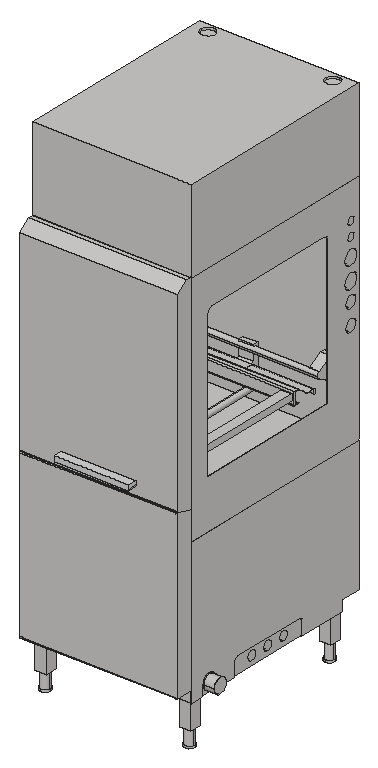
Revit family "QF_ELECTROLUXPROFESSIONAL_535175_NMPWDREL5", category Specialty Equipment, Revit 2023
Family settings
  Round Connector Dimension = Use Diameter
  Part Type = Normal
  Work Plane-Based = No
  Enable Cutting in Views = No
  Always vertical = Yes
  Cut with Voids When Loaded = No
  Maintain Annotation Orientation = No
  Shared = No
  Room Calculation Point = No
Parameters (values of type "NMPWDREL5")
  Weight = 104.00 kg
  Watts = 0 W
  Volts = 380 V
  URL Manufacturer = "http://www.electroluxprofessional.com"
  URL = "http://www.electroluxprofessional.com"
  Steam Supply Size = 0 mm
  Steam Supply Minimum Pressure = 0.0 Pa
  Steam Supply Maximum Pressure = 0.0 Pa
  Steam Pounds per Hour = 0
  Show Logo [instance] = yes
  Refrigeration Suction Line Size = 0 mm
  Refrigeration Liquid Line Size = 0 mm
  Refrigerant Compressor Remote = yes
  R_L [instance] = not(L_R)  # yes
  Manufacturer = "Electrolux Professional"
  Phase = 3
  Model = "NMPWDREL5"
  Length Actual = 560 mm
  Show Clearance [instance] = yes
  L_R [instance] = no
  Item Number = "535175"
  Hot Water Size = 19.05 mm
  Height Actual = 1785 mm
  HP = "9.9 HP"
  Gas Size = 0 mm
  Gas KW = 0
  Gas Input Pressure = 0 W
  Direct Waste Size = 50 mm
  Description = "MEDIUM PRE-WASH MODULE, DUAL RINSE RT, L>R REV, ELECTRIC, 50HZ"
  Depth Actual = 825 mm
  Default Elevation = 0 mm
  DRAIN [instance] = if(L_R, 0 mm, 638 mm)  # 638 mm
  Cycle = 50 Hz
  Condensate Return Size = 0 mm
  Compressed Air Volume = 0.0 L/s
  Compressed Air Size = 0 mm
  Compressed Air Pressure = 0.0 Pa
  Cold Water Size = 19.05 mm
  Accessory = no
Reference planes
  plane 1 "Center X": y = -16.742
  plane 2: z = 0
  plane 3 "1": x = -383.563
  plane 4 "2": x = 176.437
  plane 5 "BACK": y = 388.258
  plane 6 "FEET": z = 150
  plane 7: z = 2095
  plane 8 "BASE": z = 187
  plane 9 "TOP": z = 1785
  plane 10 "FRONT": y = -408.742
  plane 11: y = 311.258
  plane 12 "LEFT": x = -423.563
  plane 13 "RIGHT": x = 216.437
  plane 14 "DRAIN": x = 214.437
Forms (mm)
  Extrusion 1, solid, material "QF_Finishes_Stainless Steel"
    sketch origin (176.437, 479.936, 4000) x (0, 1, 0) y (0, 0, 1)
      loop
        line (-96.678, -2215) -> (-828.678, -2215) -> (-828.678, -2507) -> (-96.678, -2507) -> (-96.678, -2215)
    from -560 to 0
  Extrusion 2, solid, material "QF_Finishes_Stainless Steel"
    sketch origin (-383.563, 437.565, 4000) x (0, 1, 0) y (0, 0, 1)
      loop
        line (-54.307, -2507) -> (-786.307, -2507) -> (-786.307, -3850) -> (-126.307, -3850) -> (-126.307, -3812) -> (-54.307, -3812) -> (-54.307, -2507)
      loop
        line (-129.307, -2557) -> (-769.307, -2557) -> (-769.307, -3290) -> (-129.307, -3290) -> (-129.307, -2557)
    from 557 to 3
  Extrusion 3, solid, material "QF_Finishes_Stainless Steel"
    sketch origin (-383.563, 437.565, 4000) x (0, 1, 0) y (0, 0, 1)
      loop
        line (-59.307, -3342) -> (-781.307, -3342)
        arc (-781.307, -3342) -> (-784.843, -3343.464) -> (-786.307, -3347) r 5
        line (-786.307, -3347) -> (-786.307, -3850) -> (-741.307, -3850) -> (-741.307, -3813)
        arc (-741.307, -3813) -> (-711.307, -3783) -> (-681.307, -3813) r 30
        line (-681.307, -3813) -> (-681.307, -3850) -> (-602.807, -3850) -> (-602.807, -3803)
        arc (-602.807, -3803) -> (-598.414, -3792.393) -> (-587.807, -3788) r 15
        line (-587.807, -3788) -> (-317.807, -3788)
        arc (-317.807, -3788) -> (-307.201, -3792.393) -> (-302.807, -3803) r 15
        line (-302.807, -3803) -> (-302.807, -3850) -> (-126.307, -3850) -> (-126.307, -3812) -> (-54.307, -3812) -> (-54.307, -3347)
        arc (-54.307, -3347) -> (-55.772, -3343.464) -> (-59.307, -3342) r 5
    from 0 to 3
  Extrusion 4, solid, material "QF_Finishes_Stainless Steel"
    sketch origin (176.437, 479.936, 4000) x (0, 1, 0) y (0, 0, 1)
      loop
        line (-96.678, -2507) -> (-828.678, -2507) -> (-828.678, -3335)
        arc (-828.678, -3335) -> (-827.214, -3338.536) -> (-823.678, -3340) r 5
        line (-823.678, -3340) -> (-101.678, -3340)
        arc (-101.678, -3340) -> (-98.142, -3338.536) -> (-96.678, -3335) r 5
        line (-96.678, -3335) -> (-96.678, -2507)
      loop
        line (-248.879, -2635) -> (-744.477, -2635)
        arc (-744.477, -2635) -> (-756.64, -2640.038) -> (-761.678, -2652.201) r 17.201
        line (-761.678, -2652.201) -> (-761.678, -3167.258) -> (-231.678, -3167.258) -> (-231.678, -2652.201)
        arc (-231.678, -2652.201) -> (-236.716, -2640.038) -> (-248.879, -2635) r 17.201
    from -3 to 0
  Extrusion 5, solid, material "QF_Finishes_Stainless Steel"
    sketch origin (176.437, 479.936, 4000) x (0, 1, 0) y (0, 0, 1)
      loop
        line (-101.678, -3342) -> (-823.678, -3342)
        arc (-823.678, -3342) -> (-827.214, -3343.464) -> (-828.678, -3347) r 5
        line (-828.678, -3347) -> (-828.678, -3850) -> (-783.678, -3850) -> (-783.678, -3813)
        arc (-783.678, -3813) -> (-753.678, -3783) -> (-723.678, -3813) r 30
        line (-723.678, -3813) -> (-723.678, -3850) -> (-645.178, -3850) -> (-645.178, -3803)
        arc (-645.178, -3803) -> (-640.785, -3792.393) -> (-630.178, -3788) r 15
        line (-630.178, -3788) -> (-360.178, -3788)
        arc (-360.178, -3788) -> (-349.571, -3792.393) -> (-345.178, -3803) r 15
        line (-345.178, -3803) -> (-345.178, -3850) -> (-168.678, -3850) -> (-168.678, -3812) -> (-96.678, -3812) -> (-96.678, -3347)
        arc (-96.678, -3347) -> (-98.142, -3343.464) -> (-101.678, -3342) r 5
    from -3 to 0
  Extrusion 6, void
    sketch origin (0, 0, 1785) x (1, 0, 0) y (0, -1, 0)
      loop
        circle (-323.563, -347.258) r 25
    from 0 to 5
  Extrusion 7, solid, material "QF_Finishes_Stainless Steel"
    sketch origin (-383.563, 437.565, 4000) x (0, 1, 0) y (0, 0, 1)
      loop
        circle (-89.376, -2635.001) r 12
      loop
        circle (-89.376, -2685.001) r 12
      loop
        circle (-89.376, -2750.001) r 25
      loop
        circle (-89.376, -2825.001) r 25
      loop
        circle (-89.376, -2890.001) r 20
      loop
        circle (-89.376, -2965.001) r 20
    from 0 to 3
  Extrusion 8, void
    sketch origin (-383.563, 437.565, 4000) x (0, 1, 0) y (0, 0, 1)
      loop
        circle (-89.376, -2635.001) r 14
      loop
        circle (-89.376, -2685.001) r 14
      loop
        circle (-89.376, -2750.001) r 27
      loop
        circle (-89.376, -2825.001) r 27
      loop
        circle (-89.376, -2890.001) r 22
      loop
        circle (-89.376, -2965.001) r 22
    from 0 to 3
  Extrusion 9, solid, material "QF_Finishes_Stainless Steel"
    sketch origin (-383.563, 437.565, 4000) x (0, 1, 0) y (0, 0, 1)
      loop
        circle (-454.307, -3813) r 15
      loop
        circle (-524.307, -3813) r 15
      loop
        circle (-384.307, -3813) r 15
    from 0 to 3
  Extrusion 10, solid, material "QF_Finishes_Stainless Steel"
    sketch origin (-383.563, 437.565, 4000) x (0, 1, 0) y (0, 0, 1)
      loop
        circle (-711.307, -3813) r 25
    from 0 to 3
  Extrusion 11, solid, material "QF_Finishes_Stainless Steel"
    sketch origin (176.437, 479.936, 4000) x (0, 1, 0) y (0, 0, 1)
      loop
        circle (-496.678, -3813) r 15
      loop
        circle (-566.678, -3813) r 15
      loop
        circle (-426.678, -3813) r 15
    from 0 to -3
  Extrusion 12, solid, material "QF_Finishes_Stainless Steel"
    sketch origin (176.437, 479.936, 4000) x (0, 1, 0) y (0, 0, 1)
      loop
        circle (-753.678, -3813) r 25
    from 0 to -3
  Extrusion 13, solid, material "QF_Finishes_Stainless Steel"
    sketch origin (-383.563, 437.565, 4000) x (0, 1, 0) y (0, 0, 1)
      loop
        line (-54.307, -2507) -> (-786.307, -2507) -> (-786.307, -3335)
        arc (-786.307, -3335) -> (-784.843, -3338.536) -> (-781.307, -3340) r 5
        line (-781.307, -3340) -> (-59.307, -3340)
        arc (-59.307, -3340) -> (-55.772, -3338.536) -> (-54.307, -3335) r 5
        line (-54.307, -3335) -> (-54.307, -2507)
      loop
        line (-206.509, -2635) -> (-702.106, -2635)
        arc (-702.106, -2635) -> (-714.269, -2640.038) -> (-719.307, -2652.201) r 17.201
        line (-719.307, -2652.201) -> (-719.307, -3167.258) -> (-189.307, -3167.258) -> (-189.307, -2652.201)
        arc (-189.307, -2652.201) -> (-194.345, -2640.038) -> (-206.509, -2635) r 17.201
    from 3 to 0
  Extrusion 14, void
    sketch origin (176.437, 479.936, 4000) x (0, -1, 0) y (0, 0, 1)
      loop
        circle (131.746, -2635.001) r 14
      loop
        circle (131.746, -2685.001) r 14
      loop
        circle (131.746, -2750.001) r 27
      loop
        circle (131.746, -2825.001) r 27
      loop
        circle (131.746, -2890.001) r 22
      loop
        circle (131.746, -2965.001) r 22
    from 0 to 2
  Extrusion 15, solid, material "QF_Finishes_Stainless Steel"
    sketch origin (176.437, 479.936, 4000) x (0, 1, 0) y (0, 0, 1)
      loop
        circle (-131.746, -2635.001) r 12
      loop
        circle (-131.746, -2685.001) r 12
      loop
        circle (-131.746, -2750.001) r 25
      loop
        circle (-131.746, -2825.001) r 25
      loop
        circle (-131.746, -2890.001) r 20
      loop
        circle (-131.746, -2965.001) r 20
    from 0 to -2
  Extrusion 16, solid, material "QF_Finishes_Stainless Steel", visible <- "L_R"
    sketch origin (-383.563, 437.565, 4000) x (0, 1, 0) y (0, 0, 1)
      loop
        circle (-711.307, -3813) r 25
    from 0 to -38
  Extrusion 17, solid, material "QF_Finishes_Stainless Steel", visible <- "R_L"
    sketch origin (176.437, 479.936, 4000) x (0, 1, 0) y (0, 0, 1)
      loop
        circle (-753.678, -3813) r 25
    from 0 to 38
  Extrusion 18, solid, material "QF_Finishes_Stainless Steel"
    sketch origin (214.437, 0, 0) x (0, 1, 0) y (0, 0, 1)
      loop
        circle (-273.742, 187) r 25
    from 0 to 2
  Extrusion 19, void
    sketch origin (0, 0, 1785) x (1, 0, 0) y (0, -1, 0)
      loop
        circle (114.437, -347.258) r 25
    from 0 to 5
  Extrusion 20, solid, material "QF_Clearance", detail levels coarse
    sketch origin (556.437, -74.242, 0) x (1, 0, 0) y (0, 1, 0)
      loop
        line (-940, 462.5) -> (-380, 462.5) -> (-380, 512.5) -> (-940, 512.5) -> (-940, 462.5)
    from -100 to 1785
Cuts and joins
  Extrusion 6, Extrusion 19 cuts Extrusion 1
  Extrusion 6, Extrusion 14, Extrusion 19 cuts Extrusion 2
  Extrusion 8, Extrusion 14 cuts Extrusion 13
  Extrusion 14 cuts Extrusion 7
  Extrusion 14 cuts Extrusion 4
Lines and regions (mm)
  symbolic lines
    curve 1: line (-383.563, 383.258, 0) -> (176.437, 383.258, 0)
    curve 2: line (-383.563, -348.742, 0) -> (-383.563, 383.258, 0)
    curve 3: line (176.437, -348.742, 0) -> (-383.563, -348.742, 0)
    curve 4: line (176.437, 383.258, 0) -> (176.437, -348.742, 0)
    curve 7: circle (-323.563, 347.258, 0) r 25 normal (0, 0, 1)
    curve 8: line (-383.563, 383.258, 0) -> (176.437, -348.742, 0)
    curve 15: line (-383.563, -16.742, 0) -> (-358.563, -16.742, 0)
    curve 16: line (176.437, -16.742, 0) -> (151.437, -16.742, 0)
    curve 17: circle (114.437, 347.258, 0) r 25 normal (0, 0, -1)
  symbolic lines, style "SpecialityEquipment"
    curve 5: line (176.437, -281.742, 0) -> (-383.563, -281.742, 0)
    curve 6: line (-383.563, 308.258, 0) -> (176.437, 308.258, 0)
  symbolic lines, style "SpecialityEquipmentHiddenLines", visible <- "L_R"
    curve 9: line (-423.563, -248.742, 0) -> (-423.563, -298.742, 0)
    curve 10: line (-423.563, -248.742, 0) -> (-383.563, -248.742, 0)
    curve 11: line (-423.563, -298.742, 0) -> (-383.563, -298.742, 0)
  symbolic lines, style "SpecialityEquipmentHiddenLines", visible <- "R_L"
    curve 12: line (216.437, -298.742, 0) -> (216.437, -248.742, 0)
    curve 13: line (216.437, -248.742, 0) -> (176.437, -248.742, 0)
    curve 14: line (216.437, -298.742, 0) -> (176.437, -298.742, 0)
  symbolic lines, style "QF_Clearances"
    curve 18: line (-383.563, 438.258, 0) -> (176.437, 438.258, 0)
Dimensions and locks
  plane 3 "1" to plane 4 "2" = 560 mm
  plane 5 "BACK" to plane 1 "Center X" to plane 10 "FRONT" = 405 mm, 392 mm
  plane 6 "FEET" to level = 150 mm
  Extrusion 3 to plane 3 "1" = 3 mm
  plane 4 "2" to Extrusion 5 = 3 mm
  plane 6 "FEET" to plane 9 "TOP" = 1635 mm
  plane 5 "BACK" to plane 10 "FRONT" = 797 mm  (x2)
  plane 3 "1" to Extrusion 6 sketch curve = 60 mm
  plane 5 "BACK" to Extrusion 6 sketch curve = 41 mm
  plane 4 "2" to plane 3 "1" = 560 mm
  nested 1 to nested 4 to nested 4 to nested 4 = 732 mm, 60 mm, 30 mm
  "DRAIN": plane 12 "LEFT" to plane 14 "DRAIN"
  aligned and locked: level to plane 2
Automatic sketch dimensions
  plane 9 "TOP" to Extrusion 1 sketch curve = 0 mm
  plane 10 "FRONT" to Extrusion 1 sketch curve = 60 mm
  Extrusion 1 sketch curve to plane 5 "BACK" = 5 mm
  Extrusion 1 sketch curve to Extrusion 1 sketch curve = 292 mm
  Extrusion 2 sketch curve to plane 6 "FEET" = 0 mm
  Extrusion 2 sketch curve to plane 11 = 0 mm
  plane 11 to Extrusion 2 sketch curve = 3 mm
  plane 10 "FRONT" to Extrusion 2 sketch curve = 77 mm
  Extrusion 2 sketch curve to Extrusion 2 sketch curve = 17 mm
  plane 8 "BASE" to Extrusion 2 sketch curve = 1 mm
  Extrusion 2 sketch curve to plane 5 "BACK" = 5 mm
  Extrusion 2 sketch curve to Extrusion 2 sketch curve = 522 mm
  plane 9 "TOP" to Extrusion 2 sketch curve = 342 mm
  Extrusion 2 sketch curve to Extrusion 2 sketch curve = 50 mm
  Extrusion 3 sketch curve to plane 6 "FEET" = 0 mm  (x3)
  Extrusion 3 sketch curve to plane 8 "BASE" = 0 mm
  Extrusion 3 sketch curve to plane 11 = 0 mm
  plane 8 "BASE" to Extrusion 3 sketch curve = 10 mm  (x2)
  Extrusion 3 sketch curve to plane 1 "Center X" = 151.5 mm
  Extrusion 3 sketch curve to Extrusion 3 sketch curve = 15 mm
  plane 1 "Center X" to Extrusion 3 sketch curve = 133.5 mm
  Extrusion 3 sketch curve to Extrusion 3 sketch curve = 78.5 mm
  Extrusion 3 sketch curve to Extrusion 3 sketch curve = 30 mm
  plane 10 "FRONT" to Extrusion 3 sketch curve = 65 mm
  Extrusion 3 sketch curve to Extrusion 3 sketch curve = 5 mm
  Extrusion 3 sketch curve to plane 5 "BACK" = 10 mm
  Extrusion 3 sketch curve to plane 5 "BACK" = 5 mm
  plane 8 "BASE" to Extrusion 3 sketch curve = 1 mm
  Extrusion 3 sketch curve to Extrusion 3 sketch curve = 465 mm
  plane 10 "FRONT" to Extrusion 4 sketch curve = 60 mm
  Extrusion 4 sketch curve to Extrusion 4 sketch curve = 5 mm
  plane 10 "FRONT" to Extrusion 4 sketch curve = 127 mm
  Extrusion 4 sketch curve to Extrusion 4 sketch curve = 17.201 mm  (x2)
  plane 11 to Extrusion 4 sketch curve = 80.201 mm
  plane 11 to Extrusion 4 sketch curve = 63 mm
  Extrusion 4 sketch curve to plane 5 "BACK" = 10 mm
  Extrusion 4 sketch curve to plane 5 "BACK" = 5 mm
  plane 8 "BASE" to Extrusion 4 sketch curve = 473 mm
  Extrusion 4 sketch curve to Extrusion 4 sketch curve = 167.742 mm
  plane 9 "TOP" to Extrusion 4 sketch curve = 437.201 mm
  Extrusion 4 sketch curve to Extrusion 4 sketch curve = 0 mm
  Extrusion 4 sketch curve to Extrusion 4 sketch curve = 145.201 mm
  Extrusion 5 sketch curve to plane 6 "FEET" = 0 mm  (x3)
  Extrusion 5 sketch curve to plane 8 "BASE" = 0 mm
  Extrusion 5 sketch curve to plane 11 = 0 mm
  plane 8 "BASE" to Extrusion 5 sketch curve = 10 mm  (x2)
  Extrusion 5 sketch curve to plane 1 "Center X" = 151.5 mm
  Extrusion 5 sketch curve to Extrusion 5 sketch curve = 15 mm
  plane 1 "Center X" to Extrusion 5 sketch curve = 133.5 mm
  Extrusion 5 sketch curve to Extrusion 5 sketch curve = 78.5 mm
  Extrusion 5 sketch curve to Extrusion 5 sketch curve = 30 mm
  plane 10 "FRONT" to Extrusion 5 sketch curve = 65 mm
  Extrusion 5 sketch curve to Extrusion 5 sketch curve = 5 mm
  Extrusion 5 sketch curve to plane 5 "BACK" = 10 mm
  Extrusion 5 sketch curve to plane 5 "BACK" = 5 mm
  plane 8 "BASE" to Extrusion 5 sketch curve = 1 mm
  Extrusion 5 sketch curve to Extrusion 5 sketch curve = 465 mm
  Extrusion 7 sketch curve to plane 11 = 36.932 mm  (x6)
  plane 9 "TOP" to Extrusion 7 sketch curve = 750.001 mm
  Extrusion 7 sketch curve to Extrusion 7 sketch curve = 75 mm  (x2)
  Extrusion 7 sketch curve to Extrusion 7 sketch curve = 65 mm  (x2)
  Extrusion 7 sketch curve to Extrusion 7 sketch curve = 50 mm
  Extrusion 8 sketch curve to plane 11 = 36.932 mm  (x6)
  plane 9 "TOP" to Extrusion 8 sketch curve = 750.001 mm
  Extrusion 8 sketch curve to Extrusion 8 sketch curve = 75 mm  (x2)
  Extrusion 8 sketch curve to Extrusion 8 sketch curve = 65 mm  (x2)
  Extrusion 8 sketch curve to Extrusion 8 sketch curve = 50 mm
  Extrusion 9 sketch curve to plane 8 "BASE" = 0 mm  (x3)
  Extrusion 9 sketch curve to plane 1 "Center X" = 0 mm
  Extrusion 9 sketch curve to Extrusion 9 sketch curve = 70 mm
  Extrusion 9 sketch curve to plane 1 "Center X" = 70 mm
  Extrusion 10 sketch curve to plane 8 "BASE" = 0 mm
  plane 10 "FRONT" to Extrusion 10 sketch curve = 135 mm
  Extrusion 11 sketch curve to plane 8 "BASE" = 0 mm  (x3)
  Extrusion 11 sketch curve to plane 1 "Center X" = 0 mm
  Extrusion 11 sketch curve to Extrusion 11 sketch curve = 70 mm
  Extrusion 11 sketch curve to plane 1 "Center X" = 70 mm
  Extrusion 12 sketch curve to plane 8 "BASE" = 0 mm
  plane 10 "FRONT" to Extrusion 12 sketch curve = 135 mm
  plane 10 "FRONT" to Extrusion 13 sketch curve = 60 mm
  Extrusion 13 sketch curve to Extrusion 13 sketch curve = 5 mm
  plane 10 "FRONT" to Extrusion 13 sketch curve = 127 mm
  Extrusion 13 sketch curve to Extrusion 13 sketch curve = 17.201 mm  (x2)
  plane 11 to Extrusion 13 sketch curve = 80.201 mm
  plane 11 to Extrusion 13 sketch curve = 63 mm
  Extrusion 13 sketch curve to plane 5 "BACK" = 10 mm
  Extrusion 13 sketch curve to plane 5 "BACK" = 5 mm
  plane 8 "BASE" to Extrusion 13 sketch curve = 473 mm
  Extrusion 13 sketch curve to Extrusion 13 sketch curve = 167.742 mm
  plane 9 "TOP" to Extrusion 13 sketch curve = 437.201 mm
  Extrusion 13 sketch curve to Extrusion 13 sketch curve = 0 mm
  Extrusion 13 sketch curve to Extrusion 13 sketch curve = 145.201 mm
  Extrusion 14 sketch curve to plane 11 = 36.932 mm  (x6)
  plane 9 "TOP" to Extrusion 14 sketch curve = 750.001 mm
  Extrusion 14 sketch curve to Extrusion 14 sketch curve = 75 mm  (x2)
  Extrusion 14 sketch curve to Extrusion 14 sketch curve = 65 mm  (x2)
  Extrusion 14 sketch curve to Extrusion 14 sketch curve = 50 mm
  Extrusion 15 sketch curve to plane 11 = 36.932 mm  (x6)
  plane 9 "TOP" to Extrusion 15 sketch curve = 750.001 mm
  Extrusion 15 sketch curve to Extrusion 15 sketch curve = 75 mm  (x2)
  Extrusion 15 sketch curve to Extrusion 15 sketch curve = 65 mm  (x2)
  Extrusion 15 sketch curve to Extrusion 15 sketch curve = 50 mm
  Extrusion 16 sketch curve to plane 8 "BASE" = 0 mm
  plane 10 "FRONT" to Extrusion 16 sketch curve = 135 mm
  Extrusion 17 sketch curve to plane 8 "BASE" = 0 mm
  plane 10 "FRONT" to Extrusion 17 sketch curve = 135 mm
  Extrusion 18 sketch curve to plane 8 "BASE" = 0 mm
  plane 10 "FRONT" to Extrusion 18 sketch curve = 135 mm
  Extrusion 19 sketch curve to plane 4 "2" = 62 mm
  Extrusion 19 sketch curve to plane 11 = 36 mm
  Extrusion 20 sketch curve to plane 3 "1" = 0 mm
  plane 5 "BACK" to Extrusion 20 sketch curve = 50 mm
  Extrusion 20 sketch curve to plane 13 "RIGHT" = 40 mm
  plane 5 "BACK" to Extrusion 20 sketch curve = 0 mm
  curve 10 to plane 12 "LEFT" = 0 mm
  curve 15 to plane 3 "1" = 0 mm
  curve 18 to plane 3 "1" = 0 mm
  plane 1 "Center X" to curve 16 = 0 mm
  curve 4 to plane 4 "2" = 0 mm
  curve 18 to plane 4 "2" = 0 mm
  curve 12 to plane 13 "RIGHT" = 0 mm
  plane 3 "1" to curve 7 = 60 mm
  curve 17 to plane 4 "2" = 62 mm
  plane 10 "FRONT" to curve 12 = 160 mm
  plane 10 "FRONT" to curve 10 = 160 mm
  curve 12 to curve 12 = 50 mm
  curve 11 to curve 9 = 50 mm
  curve 4 to curve 14 = 50 mm
  curve 17 to plane 11 = 36 mm
  curve 7 to plane 11 = 36 mm
  curve 4 to plane 5 "BACK" = 5 mm
  curve 15 to plane 1 "Center X" = 0 mm
  curve 15 to curve 15 = 25 mm
  curve 16 to curve 16 = 25 mm
  curve 11 to curve 5 = 17 mm
  plane 11 to curve 6 = 3 mm
  plane 5 "BACK" to curve 18 = 50 mm
  radius of Extrusion 7 sketch curve = 12 mm  (x2)
  radius of Extrusion 7 sketch curve = 25 mm  (x2)
  radius of Extrusion 7 sketch curve = 20 mm  (x2)
  radius of Extrusion 8 sketch curve = 14 mm  (x2)
  radius of Extrusion 8 sketch curve = 27 mm  (x2)
  radius of Extrusion 8 sketch curve = 22 mm  (x2)
  radius of Extrusion 9 sketch curve = 15 mm  (x3)
  radius of Extrusion 10 sketch curve = 25 mm
  radius of Extrusion 11 sketch curve = 15 mm  (x3)
  radius of Extrusion 12 sketch curve = 25 mm
  radius of Extrusion 14 sketch curve = 14 mm  (x2)
  radius of Extrusion 14 sketch curve = 27 mm  (x2)
  radius of Extrusion 14 sketch curve = 22 mm  (x2)
  radius of Extrusion 15 sketch curve = 12 mm  (x2)
  radius of Extrusion 15 sketch curve = 25 mm  (x2)
  radius of Extrusion 15 sketch curve = 20 mm  (x2)
  radius of Extrusion 16 sketch curve = 25 mm
  radius of Extrusion 17 sketch curve = 25 mm
  radius of Extrusion 18 sketch curve = 25 mm
  radius of Extrusion 6 sketch curve = 25 mm
  radius of Extrusion 19 sketch curve = 25 mm
  radius of curve 7 = 25 mm
  radius of curve 17 = 25 mm
Nested families
  nested 1: "Basket_Guide+Wash_Arm_22''" at (-513, 0, 0), type "Basket_Guide+Wash_Arm_22''"
  nested 2: "Foot_40x40_H150" at (-357.563, -326.742, 0) x (-1, 0, 0) z (0, 0, 1), type "Foot_40x40_H150"
  nested 3: "Foot_40x40_H150" at (-357.563, 289.258, 0) x (-1, 0, 0) z (0, 0, 1), type "Foot_40x40_H150"
  nested 4: "Door_22''" at (-454, 0, 0), Show Clearance <- "Show Clearance", type "Door_22''"
  nested 5: "Foot_40x40_H150" at (150.437, -326.742, 0), type "Foot_40x40_H150"
  nested 6: "Foot_40x40_H150" at (150.437, 289.258, 0), type "Foot_40x40_H150"
Connectors
  piping at (214.437, -273.742, 187), diameter 50
    settings: on Extrusion 18, index 1, connector inside diameter 609.6 mm, connector length 0 mm, flow factor 0, pipe flow 0.0 L/s, pressure drop 0.0 Pa, fitting loss kfactor 0, connector angle 0.00°, fixture units 0, engagement length 0 mm, angle of deflection 0.00°, flow configuration 0, flow direction 2, fitting loss method 0, system type 16, joint type 0, gender type 0, connector reference index -1, connector utility 0, adjustable connector no, is connector primary yes, connector description "DRAIN"
Definition of nested family "Basket_Guide+Wash_Arm_22''"
  Parameters
    Default Elevation = 0 mm
  Reference planes
    plane 1: z = 0
    plane 2 "Center Y": x = 409.437
    plane 3 "LEFT": x = 130.437
    plane 4 "BACK": y = 383.258
    plane 5 "FRONT": y = -408.742
    plane 6: z = 150
    plane 7 "TOP": z = 1785
    plane 8: z = 875
    plane 9 "RIGHT": x = 688.437
  Forms (mm)
    Extrusion 1, solid
      sketch origin (243.437, -18.984, 0) x (0, -1, 0) y (0, 0, 1)
        loop
          line (264.703, 929.245) -> (264.703, 907.554) -> (312.758, 879.81) -> (312.758, 956.99) -> (264.703, 929.245)
        loop
          line (-259.187, 929.245) -> (-307.242, 956.99) -> (-327.242, 956.99) -> (-327.242, 879.81) -> (-307.242, 879.81) -> (-259.187, 907.554) -> (-259.187, 929.245)
      from -424 to -388
    Extrusion 2, solid
      sketch origin (293.437, -18.984, 0) x (0, -1, 0) y (0, 0, 1)
        loop
          circle (264.703, 918.4) r 10
        loop
          circle (-259.187, 918.4) r 10
      from -374 to 142
    Extrusion 3, solid
      sketch origin (293.437, -18.984, 0) x (0, -1, 0) y (0, 0, 1)
        loop
          line (-252.564, 858) -> (-252.564, 870.68)
          arc (-252.564, 870.68) -> (-251.884, 872.32) -> (-250.244, 873) r 2.32
          line (-250.244, 873) -> (-222.564, 873) -> (-222.564, 875) -> (-250.244, 875)
          arc (-250.244, 875) -> (-253.299, 873.735) -> (-254.564, 870.68) r 4.32
          line (-254.564, 870.68) -> (-254.564, 858) -> (-252.564, 858)
        loop
          line (258.08, 858) -> (260.08, 858) -> (260.08, 870.68)
          arc (260.08, 870.68) -> (258.815, 873.735) -> (255.76, 875) r 4.32
          line (255.76, 875) -> (228.08, 875) -> (228.08, 873) -> (255.76, 873)
          arc (255.76, 873) -> (257.401, 872.32) -> (258.08, 870.68) r 2.32
          line (258.08, 870.68) -> (258.08, 858)
      from -360 to 128
    Extrusion 4, solid
      sketch origin (293.437, -18.984, 0) x (0, -1, 0) y (0, 0, 1)
        loop
          arc (-216.187, 825.32) -> (-216.866, 823.679) -> (-218.507, 823) r 2.32
          line (-218.507, 823) -> (-236.187, 823) -> (-236.187, 821) -> (-218.507, 821)
          arc (-218.507, 821) -> (-215.452, 822.265) -> (-214.187, 825.32) r 4.32
          line (-214.187, 825.32) -> (-214.187, 861.68)
          arc (-214.187, 861.68) -> (-215.452, 864.735) -> (-218.507, 866) r 4.32
          line (-218.507, 866) -> (-236.187, 866) -> (-236.187, 864) -> (-218.507, 864)
          arc (-218.507, 864) -> (-216.866, 863.32) -> (-216.187, 861.68) r 2.32
          line (-216.187, 861.68) -> (-216.187, 825.32)
        loop
          line (221.703, 825.32) -> (221.703, 861.68)
          arc (221.703, 861.68) -> (222.383, 863.32) -> (224.023, 864) r 2.32
          line (224.023, 864) -> (241.703, 864) -> (241.703, 866) -> (224.023, 866)
          arc (224.023, 866) -> (220.969, 864.735) -> (219.703, 861.68) r 4.32
          line (219.703, 861.68) -> (219.703, 825.32)
          arc (219.703, 825.32) -> (220.969, 822.265) -> (224.023, 821) r 4.32
          line (224.023, 821) -> (241.703, 821) -> (241.703, 823) -> (224.023, 823)
          arc (224.023, 823) -> (222.383, 823.679) -> (221.703, 825.32) r 2.32
      from -320 to 88
    Extrusion 5, solid
      sketch origin (575.437, -18.984, 0) x (0, -1, 0) y (0, 0, 1)
        loop
          line (264.703, 929.245) -> (264.703, 907.554) -> (312.758, 879.81) -> (312.758, 956.99) -> (264.703, 929.245)
        loop
          line (-259.187, 929.245) -> (-307.242, 956.99) -> (-327.242, 956.99) -> (-327.242, 879.81) -> (-307.242, 879.81) -> (-259.187, 907.554) -> (-259.187, 929.245)
      from 424 to 388
    Extrusion 6, solid
      sketch origin (243.437, -18.984, 0) x (0, -1, 0) y (0, 0, 1)
        loop
          line (219.703, 858) -> (-214.187, 858) -> (-214.187, 836) -> (219.703, 836) -> (219.703, 858)
      from -360 to -325
    Extrusion 7, solid
      sketch origin (575.437, -18.984, 0) x (0, -1, 0) y (0, 0, 1)
        loop
          line (219.703, 858) -> (-214.187, 858) -> (-214.187, 836) -> (219.703, 836) -> (219.703, 858)
      from 360 to 325
    Extrusion 8, solid
      sketch origin (409.437, 308.258, 1443) x (0, 0, 1) y (-1, 0, 0)
        loop
          line (-650.516, 7.5) -> (-663.507, 15) -> (-676.497, 7.5) -> (-676.497, -7.5) -> (-663.507, -15) -> (-650.516, -7.5) -> (-650.516, 7.5)
        loop
          line (-22.01, 7.5) -> (-35, 15) -> (-47.99, 7.5) -> (-47.99, -7.5) -> (-35, -15) -> (-22.01, -7.5) -> (-22.01, 7.5)
      from 0 to 30
    Extrusion 9, solid
      sketch origin (409.437, 278.258, 1443) x (0, 0, 1) y (-1, 0, 0)
        loop
          circle (-663.507, 0) r 10
        loop
          circle (-35, 0) r 10
      from 0 to 537.443
    Extrusion 10, solid
      sketch origin (409.437, -38.984, 0) x (0, -1, 0) y (0, 0, 1)
        loop
          line (244.703, 880.8) -> (236.703, 872.8) -> (221.703, 872.8) -> (221.703, 855.89) -> (201.703, 855.89) -> (201.703, 833.698) -> (238.1, 833.698) -> (209.284, 804.882) -> (200.502, 763.596) -> (201.48, 763.388) -> (210.201, 804.385) -> (262.124, 856.308) -> (262.124, 933.4) -> (244.703, 933.4) -> (244.703, 880.8)
        loop
          line (-279.187, 880.8) -> (-279.187, 933.4) -> (-296.608, 933.4) -> (-296.608, 856.308) -> (-273.998, 833.698) -> (-236.187, 833.698) -> (-236.187, 855.89) -> (-256.187, 855.89) -> (-256.187, 872.8) -> (-271.187, 872.8) -> (-279.187, 880.8)
        loop
          line (220.202, 1443) -> (218.202, 1443) -> (218.202, 1420.7) -> (195.852, 1381.988) -> (197.584, 1380.988) -> (220.202, 1420.164) -> (220.202, 1443)
      from -25 to 25
  Cuts and joins
    joined: Extrusion 1, Extrusion 2, Extrusion 3, Extrusion 4, Extrusion 5, Extrusion 6, Extrusion 7, Extrusion 8, Extrusion 9, Extrusion 10
  Dimensions and locks
    plane 3 "LEFT" to plane 9 "RIGHT" = 558 mm
    equal spacing: plane 3 "LEFT", plane 2 "Center Y", plane 9 "RIGHT", locked at 279 each
    plane 7 "TOP" to plane 6 to level = 1635 mm, 150 mm
    plane 4 "BACK" to plane 5 "FRONT" = 792 mm
    aligned and locked: level to plane 1
  Automatic sketch dimensions
    plane 8 to Extrusion 1 sketch curve = 4.81 mm  (x2)
    Extrusion 1 sketch curve to plane 4 "BACK" = 75 mm
    Extrusion 1 sketch curve to Extrusion 1 sketch curve = 20 mm  (x2)
    Extrusion 1 sketch curve to Extrusion 1 sketch curve = 48.055 mm  (x2)
    plane 8 to Extrusion 1 sketch curve = 32.554 mm  (x2)
    plane 5 "FRONT" to Extrusion 1 sketch curve = 125.055 mm
    Extrusion 1 sketch curve to Extrusion 1 sketch curve = 21.691 mm  (x2)
    Extrusion 1 sketch curve to Extrusion 1 sketch curve = 27.745 mm  (x2)
    plane 8 to Extrusion 2 sketch curve = 43.4 mm  (x2)
    Extrusion 2 sketch curve to plane 4 "BACK" = 143.055 mm
    plane 5 "FRONT" to Extrusion 2 sketch curve = 125.055 mm
    Extrusion 3 sketch curve to Extrusion 3 sketch curve = 0 mm  (x4)
    Extrusion 3 sketch curve to plane 8 = 0 mm  (x2)
    Extrusion 3 sketch curve to plane 8 = 4.32 mm  (x2)
    Extrusion 3 sketch curve to plane 4 "BACK" = 147.678 mm
    Extrusion 3 sketch curve to Extrusion 3 sketch curve = 2 mm  (x2)
    Extrusion 3 sketch curve to Extrusion 3 sketch curve = 27.68 mm  (x2)
    plane 5 "FRONT" to Extrusion 3 sketch curve = 161.678 mm
    Extrusion 3 sketch curve to Extrusion 3 sketch curve = 12.68 mm  (x2)
    Extrusion 4 sketch curve to Extrusion 4 sketch curve = 0 mm  (x9)
    Extrusion 4 sketch curve to plane 8 = 9 mm
    Extrusion 4 sketch curve to plane 4 "BACK" = 166.055 mm
    Extrusion 4 sketch curve to Extrusion 4 sketch curve = 17.68 mm  (x4)
    Extrusion 4 sketch curve to Extrusion 4 sketch curve = 2.32 mm  (x3)
    Extrusion 4 sketch curve to Extrusion 4 sketch curve = 2 mm  (x2)
    Extrusion 4 sketch curve to plane 8 = 49.68 mm
    plane 5 "FRONT" to Extrusion 4 sketch curve = 170.055 mm
    Extrusion 4 sketch curve to Extrusion 4 sketch curve = 43 mm
    Extrusion 4 sketch curve to plane 8 = 13.32 mm
    plane 8 to Extrusion 5 sketch curve = 4.81 mm  (x2)
    Extrusion 5 sketch curve to plane 4 "BACK" = 75 mm
    Extrusion 5 sketch curve to Extrusion 5 sketch curve = 20 mm  (x2)
    Extrusion 5 sketch curve to Extrusion 5 sketch curve = 48.055 mm  (x2)
    plane 8 to Extrusion 5 sketch curve = 32.554 mm  (x2)
    plane 5 "FRONT" to Extrusion 5 sketch curve = 125.055 mm
    Extrusion 5 sketch curve to Extrusion 5 sketch curve = 21.691 mm  (x2)
    Extrusion 5 sketch curve to Extrusion 5 sketch curve = 27.745 mm  (x2)
    Extrusion 6 sketch curve to plane 8 = 17 mm
    Extrusion 6 sketch curve to plane 4 "BACK" = 188.055 mm
    Extrusion 6 sketch curve to plane 8 = 39 mm
    plane 5 "FRONT" to Extrusion 6 sketch curve = 170.055 mm
    Extrusion 7 sketch curve to plane 8 = 17 mm
    Extrusion 7 sketch curve to plane 4 "BACK" = 188.055 mm
    Extrusion 7 sketch curve to plane 8 = 39 mm
    plane 5 "FRONT" to Extrusion 7 sketch curve = 170.055 mm
    Extrusion 8 sketch curve to plane 2 "Center Y" = 7.5 mm  (x4)
    Extrusion 8 sketch curve to plane 8 = 108.497 mm
    Extrusion 8 sketch curve to plane 2 "Center Y" = 15 mm  (x2)
    Extrusion 8 sketch curve to Extrusion 8 sketch curve = 12.99 mm  (x6)
    plane 2 "Center Y" to Extrusion 8 sketch curve = 15 mm  (x2)
    Extrusion 8 sketch curve to plane 7 "TOP" = 389.99 mm
    plane 2 "Center Y" to Extrusion 8 sketch curve = 7.5 mm  (x4)
    plane 8 to Extrusion 10 sketch curve = 58.4 mm
    Extrusion 10 sketch curve to plane 4 "BACK" = 125.634 mm
    Extrusion 10 sketch curve to Extrusion 10 sketch curve = 17.421 mm  (x3)
    plane 8 to Extrusion 10 sketch curve = 5.8 mm  (x2)
    Extrusion 10 sketch curve to plane 8 = 41.302 mm  (x2)
    Extrusion 10 sketch curve to Extrusion 10 sketch curve = 22.61 mm
    Extrusion 10 sketch curve to plane 8 = 2.2 mm  (x2)
    Extrusion 10 sketch curve to Extrusion 10 sketch curve = 8 mm  (x2)
    Extrusion 10 sketch curve to Extrusion 10 sketch curve = 15 mm  (x2)
    Extrusion 10 sketch curve to Extrusion 10 sketch curve = 20 mm  (x2)
    plane 5 "FRONT" to Extrusion 10 sketch curve = 173.907 mm
    Extrusion 10 sketch curve to Extrusion 10 sketch curve = 1.732 mm
    plane 5 "FRONT" to Extrusion 10 sketch curve = 169.257 mm
    Extrusion 10 sketch curve to Extrusion 10 sketch curve = 0.978 mm
    Extrusion 10 sketch curve to plane 8 = 19.11 mm
    Extrusion 10 sketch curve to Extrusion 10 sketch curve = 1.202 mm
    Extrusion 10 sketch curve to plane 8 = 70.118 mm
    Extrusion 10 sketch curve to Extrusion 10 sketch curve = 7.581 mm
    Extrusion 10 sketch curve to plane 8 = 70.615 mm
    Extrusion 10 sketch curve to Extrusion 10 sketch curve = 0.916 mm
    Extrusion 10 sketch curve to Extrusion 10 sketch curve = 22.35 mm
    Extrusion 10 sketch curve to Extrusion 10 sketch curve = 2 mm
    Extrusion 10 sketch curve to Extrusion 10 sketch curve = 16.397 mm
    Extrusion 10 sketch curve to Extrusion 10 sketch curve = 0 mm
    Extrusion 10 sketch curve to Extrusion 10 sketch curve = 16.909 mm
    Extrusion 10 sketch curve to plane 8 = 18.692 mm  (x2)
    Extrusion 10 sketch curve to Extrusion 10 sketch curve = 52.6 mm
    Extrusion 10 sketch curve to plane 7 "TOP" = 404.012 mm
    Extrusion 10 sketch curve to Extrusion 10 sketch curve = 1 mm
    Extrusion 10 sketch curve to Extrusion 10 sketch curve = 22.3 mm
    Extrusion 9 sketch curve to Extrusion 8 = 12.99 mm  (x3)
    Extrusion 9 sketch curve to Extrusion 9 sketch curve = 0 mm
    radius of Extrusion 2 sketch curve = 10 mm  (x2)
    radius of Extrusion 9 sketch curve = 10 mm  (x2)
Definition of nested family "Foot_40x40_H150"
  Parameters
    Default Elevation = 0 mm
  Reference planes
    plane 1 "Centro (Fronte/Retro)": y = 0
    plane 2: z = 0
    plane 3 "Centro (Sinistra/Destra)": x = 0
    plane 4: z = 150
  Forms (mm)
    Extrusion 1, solid
      sketch origin (0, 0, 0) x (1, 0, 0) y (0, 1, 0)
        loop
          circle (0, 0) r 18
      from 0 to 5
    Extrusion 2, solid
      sketch origin (0, 0, 5) x (1, 0, 0) y (0, 1, 0)
        loop
          circle (0, 0) r 15
      from 0 to 55
    Extrusion 3, solid
      sketch origin (0, 0, 60) x (1, 0, 0) y (0, 1, 0)
        loop
          line (-20, 20) -> (-20, -20) -> (20, -20) -> (20, 20) -> (-20, 20)
      from 0 to 90
  Dimensions and locks
    aligned and locked: level to plane 2
    aligned and locked: plane 4 to Extrusion 3
    aligned and locked: Extrusion 1 to level
Definition of nested family "Door_22''"
  Parameters
    Show Clearance [instance] = yes
    Default Elevation = 0 mm
  Reference planes
    plane 1: z = 0
    plane 2 "Center Y": x = 350.437
    plane 3 "LEFT": x = 70.437
    plane 4 "RIGHT": x = 630.437
    plane 5 "FRONT": y = -408.742
    plane 6: z = 150
    plane 7: y = -348.742
  Forms (mm)
    Extrusion 1, solid
      sketch origin (853.437, -408.742, 1493) x (0, 0, -1) y (1, 0, 0)
        loop
          line (666, -634) -> (681, -634)
          arc (681, -634) -> (684.536, -632.536) -> (686, -629) r 5
          line (686, -629) -> (686, -377)
          arc (686, -377) -> (684.536, -373.464) -> (681, -372) r 5
          line (681, -372) -> (666, -372) -> (666, -634)
      from 0 to 30
    Extrusion 2, solid
      sketch origin (350.437, 0, 0) x (0, 1, 0) y (0, 0, 1)
        loop
          line (-348.742, 188) -> (-348.742, 758.131) -> (-405.595, 774.035)
          arc (-405.595, 774.035) -> (-407.764, 773.603) -> (-408.742, 771.62) r 2.5
          line (-408.742, 771.62) -> (-408.742, 190.5)
          arc (-408.742, 190.5) -> (-408.01, 188.732) -> (-406.242, 188) r 2.5
          line (-406.242, 188) -> (-348.742, 188)
      from -277 to 277
    Extrusion 3, solid
      sketch origin (350.437, 0, 0) x (0, 1, 0) y (0, 0, 1)
        loop
          line (-351.742, 1493) -> (-368.817, 1493) -> (-408.742, 1463.413) -> (-408.742, 778.225)
          arc (-408.742, 778.225) -> (-408.225, 776.703) -> (-406.889, 775.81) r 2.5
          line (-406.889, 775.81) -> (-354.889, 761.206)
          arc (-354.889, 761.206) -> (-352.72, 761.638) -> (-351.742, 763.621) r 2.5
          line (-351.742, 763.621) -> (-351.742, 1493)
      from -277 to 277
    Extrusion 4, solid, visible <- "Show Clearance", detail levels coarse
      sketch origin (853.437, -408.742, 2095) x (0, 0, -1) y (1, 0, 0)
        loop
          line (666, -634) -> (681, -634)
          arc (681, -634) -> (684.536, -632.536) -> (686, -629) r 5
          line (686, -629) -> (686, -377)
          arc (686, -377) -> (684.536, -373.464) -> (681, -372) r 5
          line (681, -372) -> (666, -372) -> (666, -634)
      from 0 to 30
    Extrusion 5, solid, visible <- "Show Clearance", detail levels coarse
      sketch origin (350.437, 0, 0) x (0, 1, 0) y (0, 0, 1)
        loop
          line (-351.742, 2095) -> (-368.817, 2095) -> (-408.742, 2065.413) -> (-408.742, 1463.413) -> (-368.817, 1493) -> (-351.742, 1493) -> (-351.742, 2095)
      from -277 to 277
  Lines and regions (mm)
    symbolic lines
      curve 1: line (73.437, -408.742, 1785) -> (73.437, -348.742, 1785)
      curve 2: line (627.437, -408.742, 1785) -> (73.437, -408.742, 1785)
      curve 3: line (627.437, -348.742, 1785) -> (627.437, -408.742, 1785)
      curve 4: line (219.437, -438.742, 1785) -> (219.437, -408.742, 1785)
      curve 5: line (481.437, -438.742, 1785) -> (219.437, -438.742, 1785)
      curve 6: line (481.437, -408.742, 1785) -> (481.437, -438.742, 1785)
  Dimensions and locks
    locked: plane 3 "LEFT" to plane 4 "RIGHT" at 560
    plane 6 to level = 150 mm
    equal spacing: plane 3 "LEFT", plane 2 "Center Y", plane 4 "RIGHT", locked at 280 each
    plane 3 "LEFT" to Extrusion 5 = 3 mm
    Extrusion 5 to plane 4 "RIGHT" = 3 mm
    aligned and locked: level to plane 1
    aligned and locked: Extrusion 3 to Extrusion 2
  Automatic sketch dimensions
    Extrusion 1 sketch curve to plane 2 "Center Y" = 131 mm
    plane 6 to Extrusion 1 sketch curve = 677 mm
    Extrusion 1 sketch curve to Extrusion 1 sketch curve = 15 mm  (x2)
    Extrusion 1 sketch curve to Extrusion 1 sketch curve = 5 mm
    plane 2 "Center Y" to Extrusion 1 sketch curve = 126 mm
    Extrusion 2 sketch curve to plane 5 "FRONT" = 0 mm
    Extrusion 2 sketch curve to plane 7 = 0 mm
    plane 5 "FRONT" to Extrusion 2 sketch curve = 2.5 mm
    Extrusion 2 sketch curve to Extrusion 2 sketch curve = 2.5 mm
    Extrusion 2 sketch curve to Extrusion 2 sketch curve = 0.647 mm
    plane 6 to Extrusion 2 sketch curve = 38 mm
    Extrusion 2 sketch curve to Extrusion 2 sketch curve = 570.131 mm
    Extrusion 2 sketch curve to Extrusion 2 sketch curve = 13.489 mm
    Extrusion 4 sketch curve to plane 2 "Center Y" = 131 mm
    plane 6 to Extrusion 4 sketch curve = 1279 mm
    Extrusion 4 sketch curve to Extrusion 4 sketch curve = 15 mm  (x2)
    Extrusion 4 sketch curve to Extrusion 4 sketch curve = 5 mm
    plane 2 "Center Y" to Extrusion 4 sketch curve = 126 mm
    curve 1 to plane 7 = 0 mm
    curve 3 to plane 7 = 0 mm
    curve 2 to plane 5 "FRONT" = 0 mm
    curve 5 to plane 5 "FRONT" = 30 mm
    plane 3 "LEFT" to curve 2 = 3 mm
    curve 5 to plane 2 "Center Y" = 131 mm
    plane 2 "Center Y" to curve 5 = 131 mm
    curve 2 to plane 4 "RIGHT" = 3 mm
    Extrusion 5 sketch curve to plane 5 "FRONT" = 0 mm
    Extrusion 5 sketch curve to plane 7 = 20.076 mm  (x2)
    Extrusion 5 sketch curve to plane 7 = 3 mm
    plane 6 to Extrusion 5 sketch curve = 1313.413 mm
    Extrusion 5 sketch curve to Extrusion 5 sketch curve = 29.587 mm  (x2)
    Extrusion 5 sketch curve to Extrusion 5 sketch curve = 572.413 mm
    Extrusion 3 sketch curve to plane 5 "FRONT" = 0 mm
    plane 5 "FRONT" to Extrusion 3 sketch curve = 1.853 mm
    Extrusion 3 sketch curve to Extrusion 3 sketch curve = 0.647 mm  (x2)
    Extrusion 3 sketch curve to plane 7 = 20.076 mm
    Extrusion 3 sketch curve to plane 7 = 6.147 mm
    Extrusion 3 sketch curve to plane 7 = 3 mm
    plane 6 to Extrusion 3 sketch curve = 611.206 mm
    Extrusion 3 sketch curve to Extrusion 3 sketch curve = 14.603 mm
    Extrusion 3 sketch curve to Extrusion 3 sketch curve = 685.188 mm
    Extrusion 3 sketch curve to Extrusion 3 sketch curve = 29.587 mm
